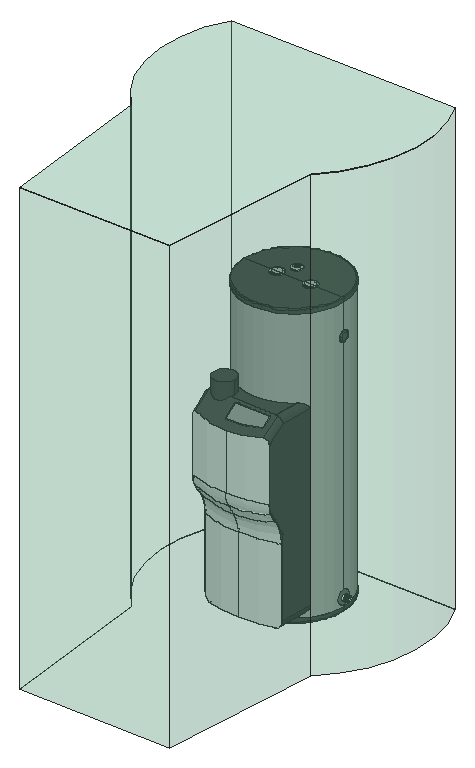
Revit family "Innovo  BENL_IR 24 285 BENL NAT", category Mechanical Equipment, Revit 2015
Parameters (values of type "IR-24-285 BENL NAT")
  Werkruimte Radius = Diameter + 170 mm  # 780 mm
  Werkruimte Hoogte = Hoogte + 1000 mm  # 2745 mm
  Werkruimte Afstand Voor = 1000 mm
  Werkruimte [instance] = yes
  Voorzorgsmaatregelen tijdens montage, installatie of onderhoud = "zie Gebruikers, Installatie, Service en Onderhouds handleiding"  # constant formula
  Voltage = 230 V  # constant formula
  Verpakkingslengte = 946 mm  # constant formula
  Verpakkingshoogte = 1895 mm
  Verpakkingsbreedte = 786 mm  # constant formula
  Uitsluitend werkend in daluren = no
  Uitschakeldruk LDS < = "210"
  Type aanduiding = "IR-24-285"
  Transportgewicht = 153 kg
  Totaal Gewicht = 438 kg
  Stilstandsverlies - dagelijks (24u) = 0 W
  Stilstandsverlies = 0 W
  Standaard Afgesteld op = "G31"
  Stand Regelthermostaat = 65 °C  # constant formula
  Soort Verpakking = "Karton en Hout"  # constant formula
  Slimme controlefunctie = no
  Setpoint thermostaat = 65 °C  # constant formula
  Seizoens Rendement (Hs) = [Rendement (Hs, vlgs. NEN-EN 89 - 1999)]  # 97
  Rendement (Hs, vlgs. NEN-EN 89 - 1999) = 97
  Rendement (Hi, vlgs. NEN-EN 89 - 1999) = 108
  Produktspecificaties Link = ""
  Produkthandleiding Link = ""
  Produkt Model Nummer (EAN-nummer) = "8717449286200"
  Onderhoudsinterval = "12 maanden"  # constant formula
  Nominale Belasting (Onderwaarde) = "22000.0"
  Nominale Belasting (Bovenwaarde) = "23900.0"
  Nominaal Vermogen = "23300.0"
  NOx-uitstoot mg/kWh = "33"
  NOx-uitstoot (lucht vrij, 0% O2) ppm = "20.0"
  Min. Stand Regelthermostaat = 40 °C  # constant formula
  Max. Werkdruk = 800000.0 Pa
  Max. Stand Regelthermostaat = 85 °C  # constant formula
  Max. Rookgastemperatuur = 57 °C
  Ledig Gewicht = 136 kg
  Kraan Hoogte 02 = if(and(Hoogte = 1745 mm, Diameter = 675 mm), 1518 mm, if(and(Hoogte = 1745 mm, Diameter = 610 mm), 1534 mm, if(Hoogte = 1545 mm, 1328 mm, 1070 mm)))  # 1534 mm
  Kraan Hoogte 01 = if(and(Diameter > 560 mm), 693 mm, 604 mm)  # 693 mm
  URL = "www.aosmith.be"
  Tapcapaciteit bij ΔT = 70°C  na 90 min. = 630.0 L
  Tapcapaciteit bij ΔT = 70°C  na 60 min. = 490.0 L
  Tapcapaciteit bij ΔT = 70°C  na 30 min. = 340.0 L
  Tapcapaciteit bij ΔT = 70°C  na 120 min. = 780.0 L
  Tapcapaciteit bij ΔT = 55°C  na 90 min. = 830.0 L
  Tapcapaciteit bij ΔT = 55°C  na 60 min. = 650.0 L
  Tapcapaciteit bij ΔT = 55°C  na 30 min. = 460.0 L
  Tapcapaciteit bij ΔT = 55°C  na 120 min. = 1100.0 L
  Tapcapaciteit bij ΔT = 50°C  na 90 min. = 920.0 L
  Tapcapaciteit bij ΔT = 50°C  na 60 min. = 720.0 L
  Tapcapaciteit bij ΔT = 50°C  na 30 min. = 510.0 L
  Tapcapaciteit bij ΔT = 50°C na 120 min. = 1200.0 L
  Tapcapaciteit bij ΔT = 44°C na 120 min. = 1100.0 L
  Tapcapaciteit bij ΔT = 44°C  na 90 min. = 820.0 L
  Tapcapaciteit bij ΔT = 44°C  na 60 min. = 590.0 L
  Tapcapaciteit bij ΔT = 44°C  na 30 min. = 1300.0 L
  Tapcapaciteit bij ΔT = 28°C na 90 min. = 1700.0 L
  Tapcapaciteit bij ΔT = 28°C na 60 min. = 1400.0 L
  Tapcapaciteit bij ΔT = 28°C na 30 min. = 960.0 L
  Tapcapaciteit bij ΔT = 28°C na 120 min. = 2100.0 L
  Tapcapaciteit Continu bij ΔT = 70°C = 290.0 L/s
  Tapcapaciteit Continu bij ΔT = 55°C = 370.0 L/s
  Tapcapaciteit Continu bij ΔT = 50°C = 410.0 L/s
  Tapcapaciteit Continu bij ΔT = 44°C = 460.0 L/s
  Tapcapaciteit Continu bij ΔT = 28°C = 740.0 L/s
  Opwarmtijd bij ΔT = 70°C = "49"
  Opwarmtijd bij ΔT = 55°C = "39"
  Opwarmtijd bij ΔT = 50°C = "35"
  Opwarmtijd bij ΔT = 44°C = "31"
  Opwarmtijd bij ΔT = 28°C = "20"
  Model = "IR-24-285 BENL LP"
  Manufacturer = "A.O. Smith Water Products Company b.v."  # constant formula
  Length = 780 mm  # constant formula
  Jaarlijks elektriciteitsverbruik (2) = "-"
  Jaarlijks elektriciteitsverbruik (1) = "45 kWh"
  Jaarlijks brandstofverbruik (2) = "-"
  Jaarlijks brandstofverbruik (1) = "21 GJ GCV"
  Isolatiedikte = 44 mm
  Installatie Typen = "B23/C13/C33/C43/C53/C63"  # constant formula
  Inhoud = 285.0 L
  Hoogte Warm Water Uitlaat = 1745 mm
  Hoogte Rookgasafvoer = 1350 mm
  Hoogte Lucht Inlaat = 1350 mm
  Hoogte Koud Water Inlaat = 170 mm
  Hoogte Gas Aansluiting = 920 mm
  Hoogte = 1745 mm
  Handelsmerk = "A.O. Smith"  # constant formula
  Geluidsniveau dB (A) = "<45"  # constant formula
  Geluidsniveau binnen = "53 dB"
  Gasverbruik - Volume ltr/hr = "n.v.t."
  Gasverbruik - Massa kg/h = "1.7"
  Gascategorie = "I2E(S)B"  # constant formula
  Gas Voordruk = "3700 Pa"
  Gas Aansluiting = 15"  # constant formula
  Garrantie op Tank = "36 maanden"  # constant formula
  Garrantie op Onderdelen = "12 maanden"  # constant formula
  Frequentie = 50 Hz  # constant formula
  Fase = 1
  Fabrikantnummer = "E 7110"  # constant formula
  Energie-efficiëntieklasse voor waterverwarming (2) = "-"
  Energie-efficiëntieklasse voor waterverwarming (1) = "A"  # constant formula
  Energie-efficiëntie voor waterverwarming (2) = "-"
  Energie-efficiëntie voor waterverwarming (1) = "91%"
  Elektrisch Vermogen (piek) = 105 W
  Elektrisch Vermogen (nominaal) = 51 W
  Diameter Schoorsteen - parallel systeem = "2x80"  # constant formula
  Diameter Schoorsteen - concentrisch systeem = "80/125 mm/mm"  # constant formula
  Diameter Schoorsteen - boiler = "80/125 mm/mm"  # constant formula
  Diameter = 610 mm
  Description = "Condenserende Hoog Rendementsboiler"  # constant formula
  Created By = "http://www.cadcompany.nl/"
  Capaciteitsprofiel = "XXL"
  CO2-uitstoot (tol. +/- 1.0) vol% = "10.0"
  CE-PIN = "0063CQ3037"  # constant formula
  Breedte = Diameter  # 610 mm
  Bestemming / Land = "BelgIë"  # constant formula
  BIM Content Developer = "CAD & Company"  # constant formula
  Assembly Code = "D3010"
  Ander capaciteitsprofiel = "-"
  Aansluiting Warm Water = 1"
  Aansluiting T&P = 1"
  Aansluiting Koud Water = 3/4"  # constant formula
  Aansluiting Condensafvoer = 40 mm  # constant formula
  Aansluiting Aftapkraan = 3/4"  # constant formula
  2e Onderhoud (algeheel onderhoud) = "12 maanden na installatie"  # constant formula
  1e Onderhoud (check-up) = "3 maanden na installatie"  # constant formula
Reference planes
  plane 1 "Center (Front/Back)": y = 0
  plane 2: z = 0
  plane 3 "Center (Left/Right)": x = 0
  plane 4 "Pipe": through (-383.901, 912.349, 194.799) normal (-0.0879, -0.0879, 0.9923)
  plane 5 "footing": y = 118.925
  plane 6 "footing front": y = -237.85
  plane 7: x = -305
  plane 8: x = 305
  plane 9: z = 1745
Forms (mm)
  Revolve 1, solid, material "RAL 9005", detail levels medium+fine
    sketch origin (0, -237.85, 0) x (-1, 0, 0) y (0, 0, 1)
      loop
        line (0, 28.9) -> (-15, 28.9) -> (-15, 26.4) -> (-8.671, 26.4) -> (-8.671, 18) -> (-5.686, 18) -> (-6.626, 17.06) -> (-6.626, 12.06) -> (-8.671, 12.06) -> (-8.671, 10) -> (-10.031, 10) -> (-23.271, 5.181)
        arc (-23.271, 5.181) -> (-23.763, 4.836) -> (-24.017, 4.293) r 1.159
        line (-24.017, 4.293) -> (-24.017, 1.03)
        arc (-24.017, 1.03) -> (-23.715, 0.302) -> (-22.986, 0) r 1.03
        line (-22.986, 0) -> (0, 0) -> (0, 28.9)
      axis (0, 28.9) -> (0, 0)
    angle from 0 to 360
  Revolve 2, solid, material "RAL 9005", detail levels medium+fine
    sketch origin (0, 118.925, 0) x (-1, 0, 0) y (0, 0, 1)
      loop
        line (-205.984, 28.9) -> (-220.984, 28.9) -> (-220.984, 26.4) -> (-214.655, 26.4) -> (-214.655, 18) -> (-211.67, 18) -> (-212.61, 17.06) -> (-212.61, 12.06) -> (-214.655, 12.06) -> (-214.655, 10) -> (-216.015, 10) -> (-229.256, 5.181)
        arc (-229.256, 5.181) -> (-229.747, 4.836) -> (-230.001, 4.293) r 1.159
        line (-230.001, 4.293) -> (-230.001, 1.03)
        arc (-230.001, 1.03) -> (-229.699, 0.302) -> (-228.971, 0) r 1.03
        line (-228.971, 0) -> (-205.984, 0) -> (-205.984, 28.9)
      axis (-205.984, 28.9) -> (-205.984, 0)
    angle from 0 to 360
  Revolve 3, solid, material "RAL 9005", detail levels medium+fine
    sketch origin (0, 118.925, 0) x (-1, 0, 0) y (0, 0, 1)
      loop
        line (204.016, 28.9) -> (189.016, 28.9) -> (189.016, 26.4) -> (195.345, 26.4) -> (195.345, 18) -> (198.33, 18) -> (197.39, 17.06) -> (197.39, 12.06) -> (195.345, 12.06) -> (195.345, 10) -> (193.985, 10) -> (180.744, 5.181)
        arc (180.744, 5.181) -> (180.253, 4.836) -> (179.999, 4.293) r 1.159
        line (179.999, 4.293) -> (179.999, 1.03)
        arc (179.999, 1.03) -> (180.301, 0.302) -> (181.029, 0) r 1.03
        line (181.029, 0) -> (204.016, 0) -> (204.016, 28.9)
      axis (204.016, 28.9) -> (204.016, 0)
    angle from 0 to 360
Lines and regions (mm)
  symbolic lines
    curve 1: line (0, 280.06, 0) -> (0, -280.06, 0)
    curve 2: line (-280.06, 0, 0) -> (280.06, 0, 0)
  symbolic lines, style "Workspace"
    curve 3: line (681.142, 380.06, 0) -> (-681.142, 380.06, 0)
    curve 4: arc (-681.142, 380.06, 0) -> (-777.325, -64.546, 0) -> (-609.127, -487.2, 0) r 780
    curve 5: line (-609.127, -487.2, 0) -> (-421.783, -1517.825, 0)
    curve 6: line (-421.783, -1517.825, 0) -> (424.03, -1517.825, 0)
    curve 7: line (424.03, -1517.825, 0) -> (611.027, -484.816, 0)
    curve 8: arc (611.027, -484.816, 0) -> (777.449, -63.027, 0) -> (681.142, 380.06, 0) r 780
Dimensions and locks
  plane 5 "footing" to plane 1 "Center (Front/Back)" = 118.925 mm
  plane 1 "Center (Front/Back)" to plane 6 "footing front" = 237.85 mm
  "Diameter": plane 7 to plane 8
  equal spacing: plane 7, plane 3 "Center (Left/Right)", plane 8
  "Hoogte": plane 9 to plane 2
  "Werkruimte Afstand Voor": curve 6 to nested 3
  "Werkruimte Radius": radius of curve 4
  "Werkruimte Radius": radius of curve 8
  aligned and locked: level to plane 2
  aligned and locked: nested 3 to Revolve 1 sketch curve
  aligned and locked: plane 3 "Center (Left/Right)" to Revolve 1 sketch curve
  aligned and locked: nested 3 to plane 1 "Center (Front/Back)"
  aligned and locked: plane 3 "Center (Left/Right)" to nested 3
  aligned and locked: nested 1 to plane 8
  aligned and locked: nested 5 to plane 8
  aligned and locked: nested 2 to plane 7
  aligned and locked: nested 4 to plane 7
  aligned and locked: nested 7 to plane 7
  aligned and locked: nested 8 to plane 3 "Center (Left/Right)"
  aligned and locked: nested 8 to nested 3
  aligned and locked: curve 3 to nested 8
Automatic sketch dimensions
  Revolve 1 sketch curve to level = 0 mm
  plane 3 "Center (Left/Right)" to Revolve 1 sketch curve = 5.686 mm
  Revolve 1 sketch curve to Revolve 1 sketch curve = 0.94 mm  (x2)
  Revolve 1 sketch curve to Revolve 1 sketch curve = 2.046 mm  (x2)
  Revolve 1 sketch curve to Revolve 1 sketch curve = 1.359 mm
  Revolve 1 sketch curve to Revolve 1 sketch curve = 6.329 mm
  level to Revolve 1 sketch curve = 4.091 mm
  Revolve 1 sketch curve to Revolve 1 sketch curve = 12.844 mm
  level to Revolve 1 sketch curve = 1.03 mm
  Revolve 1 sketch curve to Revolve 1 sketch curve = 0.111 mm
  level to Revolve 1 sketch curve = 5.181 mm
  Revolve 1 sketch curve to Revolve 1 sketch curve = 0.745 mm
  level to Revolve 1 sketch curve = 10 mm
  Revolve 1 sketch curve to Revolve 1 sketch curve = 2.06 mm
  Revolve 1 sketch curve to Revolve 1 sketch curve = 5 mm
  Revolve 1 sketch curve to Revolve 1 sketch curve = 8.4 mm
  Revolve 1 sketch curve to Revolve 1 sketch curve = 2.5 mm
  Revolve 1 sketch curve to level = 19.635 mm
  Revolve 1 sketch curve to Revolve 1 sketch curve = 46.465 mm
  Revolve 2 sketch curve to level = 0 mm
  level to Revolve 2 sketch curve = 1.03 mm
  Revolve 2 sketch curve to plane 8 = 74.999 mm
  level to Revolve 2 sketch curve = 5.181 mm
  Revolve 2 sketch curve to Revolve 2 sketch curve = 0.745 mm
  Revolve 2 sketch curve to Revolve 2 sketch curve = 0.397 mm
  Revolve 2 sketch curve to Revolve 2 sketch curve = 8.271 mm
  Revolve 2 sketch curve to Revolve 2 sketch curve = 13.241 mm
  Revolve 2 sketch curve to Revolve 2 sketch curve = 1.359 mm
  Revolve 2 sketch curve to Revolve 2 sketch curve = 6.329 mm
  Revolve 2 sketch curve to Revolve 2 sketch curve = 2.046 mm
  level to Revolve 2 sketch curve = 18 mm
  Revolve 2 sketch curve to Revolve 2 sketch curve = 0.94 mm  (x2)
  Revolve 2 sketch curve to Revolve 2 sketch curve = 8.671 mm
  Revolve 2 sketch curve to Revolve 2 sketch curve = 1.089 mm
  Revolve 2 sketch curve to Revolve 2 sketch curve = 8 mm
  Revolve 2 sketch curve to Revolve 2 sketch curve = 2.06 mm
  Revolve 2 sketch curve to Revolve 2 sketch curve = 8.4 mm
  Revolve 2 sketch curve to Revolve 2 sketch curve = 2.5 mm
  Revolve 2 sketch curve to Revolve 2 sketch curve = 0 mm
  Revolve 2 sketch curve to level = 19.635 mm
  Revolve 2 sketch curve to Revolve 2 sketch curve = 46.465 mm
  Revolve 3 sketch curve to level = 0 mm
  level to Revolve 3 sketch curve = 1.03 mm
  Revolve 3 sketch curve to plane 7 = 125.001 mm
  level to Revolve 3 sketch curve = 5.181 mm
  Revolve 3 sketch curve to Revolve 3 sketch curve = 0.745 mm
  Revolve 3 sketch curve to Revolve 3 sketch curve = 0.397 mm
  Revolve 3 sketch curve to Revolve 3 sketch curve = 8.271 mm
  Revolve 3 sketch curve to Revolve 3 sketch curve = 13.241 mm
  Revolve 3 sketch curve to Revolve 3 sketch curve = 1.359 mm
  Revolve 3 sketch curve to Revolve 3 sketch curve = 6.329 mm
  Revolve 3 sketch curve to Revolve 3 sketch curve = 2.046 mm
  level to Revolve 3 sketch curve = 18 mm
  Revolve 3 sketch curve to Revolve 3 sketch curve = 0.94 mm  (x2)
  Revolve 3 sketch curve to Revolve 3 sketch curve = 8.671 mm
  Revolve 3 sketch curve to Revolve 3 sketch curve = 1.089 mm
  Revolve 3 sketch curve to Revolve 3 sketch curve = 8 mm
  Revolve 3 sketch curve to Revolve 3 sketch curve = 2.06 mm
  Revolve 3 sketch curve to Revolve 3 sketch curve = 8.4 mm
  Revolve 3 sketch curve to Revolve 3 sketch curve = 2.5 mm
  Revolve 3 sketch curve to Revolve 3 sketch curve = 0 mm
  Revolve 3 sketch curve to level = 19.635 mm
  Revolve 3 sketch curve to Revolve 3 sketch curve = 46.465 mm
  curve 4 to curve 8 = 0 mm  (x2)
  plane 1 "Center (Front/Back)" to curve 2 = 0 mm
  curve 1 to plane 3 "Center (Left/Right)" = 0 mm
  plane 1 "Center (Front/Back)" to curve 4 = 0 mm
  curve 4 to plane 3 "Center (Left/Right)" = 0 mm
  curve 5 to plane 6 "footing front" = 249.35 mm
  plane 7 to curve 5 = 116.783 mm
  plane 8 to curve 7 = 119.03 mm
  curve 7 to plane 6 "footing front" = 246.966 mm
  curve 2 to plane 7 = 24.94 mm
  curve 2 to plane 8 = 24.94 mm
  curve 1 to plane 6 "footing front" = 42.21 mm
  plane 5 "footing" to curve 1 = 161.135 mm
Nested families
  nested 1: "Valve" at (305, -0.38, 1534) x (0, 1, 0) z (0, 0, 1), built-in parameter 1001364 <- "Kraan Hoogte 02", type "Valve"
  nested 2: "Drain Valve" at (-305, 0, 1534), built-in parameter 1001364 <- "Kraan Hoogte 02", type "Drain Valve"
  nested 3: "Housing Mother Housing S 57 (external)" at (0, -299.886, 0), type "Housing Mother_Housing S_57"
    with radius 305 mm, distance to boiler center 154 mm, diameter 610 mm
  nested 4: "Drain Valve" at (-305, 0, 177), type "Drain Valve"
  nested 5: "Drain Valve" at (305, 0, 107) x (-1, 0, 0) z (0, 0, 1), type "Drain Valve"
  nested 6: "Boiler" at (0, 0, 0), height <- "Hoogte", type "Boiler"
    with height 1745 mm, radius 305 mm, Diameter 610 mm
  nested 7: "Drain Valve" at (-305, 0, 693), built-in parameter 1001364 <- "Kraan Hoogte 01", type "Drain Valve"
  nested 8: "Innovo_workspace" at (0, 0, 0), Workspace <- "Werkruimte", Workspace Distance Front <- "Werkruimte Afstand Voor", Workspace Height <- "Werkruimte Hoogte", Workspace Radius <- "Werkruimte Radius", type "Workspace"
    with Workspace Radius 780 mm, Workspace Height 2745 mm, Workspace Distance Front 1000 mm, Workspace yes, Center to Front 517.825 mm
Connectors
  piping at (339.826, 0, 107), diameter 19.05, driven by "Aansluiting Aftapkraan"
    settings: on nested 5, index 1, connector inside diameter 24", connector length 0 mm, flow factor 0, pipe flow 0.0 L/s, pressure drop 0.0 Pa, fitting loss kfactor 0, connector angle 0.00°, fixture units 0, engagement length 0 mm, angle of deflection 0.00°, flow configuration 0, flow direction 0, fitting loss method 0, system type 19, joint type 0, gender type 0, connector reference index -1, connector utility 0, adjustable connector no, is connector primary yes, connector description ""
  hvac at (-147.013, -346.326, 1310.674)
    settings: on nested 3, index 2, duct flow 0.0 L/s, flow factor 0, pres drop 0.0 Pa, loss coef 0, conn angle 0.00°, conn width 304.8 mm, conn height 304.8 mm, conn diameter 125 mm, duct sys type 4, conn prof type 0, flow config 0, flow direction 0, loss method 0, conn ref index -1, conn util no, is conn primary yes, conn desc ""
Definition of nested family "Valve"
  Parameters (values of type "Valve")
    Type Comments = "T&P valve (internal)"
    Manufacturer = "A.O. Smith"
  Reference planes
    plane 1 "Center (Front/Back)": y = 0
    plane 2: z = 0
    plane 3 "Center (Left/Right)": x = 0
  Forms (mm)
    Extrusion 1, solid, detail levels fine
      sketch origin (0, 0, 0) x (1, 0, 0) y (0, 0, 1)
        loop
          circle (0, 0) r 31.5
      from -2.271 to 1.4
    Sweep 2, solid, detail levels fine
      path origin (0, -1.4, 0) x (1, 0, 0) y (0, 0, 1)
        loop
          circle (0, 0) r 31.5
      profile origin (0, -1.4, 31.5) x (0, 0, -1) y (0, -1, 0)
        loop
          line (7.3, 0) -> (7.3, 3) -> (0, 0) -> (7.3, 0)
  Dimensions and locks
    aligned and locked: level to plane 2
Definition of nested family "Drain Valve"
  Reference planes
    plane 1 "Center (Front/Back)": y = 0
    plane 2: z = 0
    plane 3 "Center (Left/Right)": x = 0
  Forms (mm)
    Revolve 1, solid, detail levels medium+fine
      sketch origin (0, 0, 0) x (1, 0, 0) y (0, 0, 1)
        loop
          line (-33.442, 15.696) -> (-34.826, 14.329) -> (-34.93, 12.731) -> (-16.555, 12.731) -> (-16.555, 0) -> (15.787, 0) -> (15.787, 18.3) -> (-14.4, 18.3) -> (-17.148, 15.533) -> (-18.729, 16.697) -> (-20.091, 15.333) -> (-21.672, 16.496) -> (-23.034, 15.133) -> (-24.614, 16.296) -> (-25.976, 14.932) -> (-27.557, 16.096) -> (-28.919, 14.732) -> (-30.5, 15.896) -> (-31.862, 14.532) -> (-33.442, 15.696)
        axis (-34.93, 0) -> (15.787, 0)
      angle from 0 to 360
  Dimensions and locks
    aligned and locked: level to plane 2
  Nested families
    nested 1: "Rubber sealing" at (2.592, -0.155, 0) x (0.0023, -1, 0) z (0, 0, 1), type "Rubber sealing", detail levels fine
  Definition of nested family "Rubber sealing"
    Reference planes
      plane 1 "Center (Front/Back)": y = 0
      plane 2: z = 0
      plane 3 "Center (Left/Right)": x = 0
    Forms (mm)
      Extrusion 1, solid, detail levels fine
        sketch origin (141.861, 319.581, 0) x (1, 0, 0) y (0, 1, 0)
          loop
            line (-216.354, -311.898) -> (-216.354, -313.94)
            arc (-216.354, -313.94) -> (-141.602, -321.581) -> (-66.861, -313.835) r 366.966
            line (-66.861, -313.835) -> (-66.861, -311.791)
            arc (-66.861, -311.791) -> (-141.602, -319.581) -> (-216.354, -311.898) r 364.966
        from -80 to 80
      Extrusion 2, void
        sketch origin (141.861, 319.581, 0) x (1, 0, 0) y (0, 0, 1)
          loop
            circle (-141.861, 0) r 13
          loop
            circle (-141.861, 0) r 110
          loop
            circle (-141.861, 0) r 40
        from 311.563 to 332.684
      Extrusion 3, void
        sketch origin (141.861, 319.581, 0) x (1, 0, 0) y (0, 0, 1)
          loop
            circle (-141.861, 0) r 18.25
        from 315.524 to 326.084
    Cuts and joins
      Extrusion 2, Extrusion 3 cuts Extrusion 1
    Dimensions and locks
      aligned and locked: level to plane 2
Definition of nested family "Housing Mother Housing S 57 (external)"
  Parameters (values of type "Housing Mother_Housing S_57")
    radius [instance] = 280 mm
    distance to boiler center = if(diameter = 675 mm, 189 mm, if(diameter = 610 mm, 154 mm, 129 mm))  # 129 mm
    diameter = 560 mm
  Reference planes
    plane 1 "Center (Front/Back)": y = 0
    plane 2: z = 0
    plane 3 "Center (Left/Right)": x = 0
    plane 4 "left": through (-245.286, 145.886, 1200) normal (0.9994, 0.0349, 0)
    plane 5: y = -217.939
    plane 6: y = 145.886
    plane 7: z = 1232.6
    plane 8: z = 65.89
    plane 9 "right": through (245.286, 145.886, 1200) normal (0.9994, -0.0349, 0)
    plane 10 "display": through (0, -90.37, 1221.196) normal (0, -0.5736, 0.8192)
    plane 11 "Potentiostat": z = 867.899
    plane 12 "boiler center": y = 274.886
    plane 13: x = -280
    plane 14: x = 280
  Forms (mm)
    Extrusion 1, solid
      sketch origin (0, 0, 0) x (1, 0, 0) y (0, 1, 0)
        loop
          line (-245.286, 145.886) -> (-232.581, -217.939) -> (232.581, -217.939) -> (245.286, 145.886)
          arc (245.286, 145.886) -> (0, 0.923) -> (-245.286, 145.886) r 280
      from 0 to 1232.6
    Sweep 2, void
      path origin (0, 0, 0) x (0, 1, 0) y (0, 0, 1)
        loop
          line (-217.939, 1232.6) -> (-217.939, 795.555)
          arc (-217.939, 795.555) -> (-212.387, 754.285) -> (-197.694, 715.322) r 183.924
          arc (-197.694, 715.322) -> (-179.915, 684.628) -> (-159.106, 655.901) r 348.284
          arc (-159.106, 655.901) -> (-131.411, 600.328) -> (-121.88, 538.973) r 202.254
          line (-121.88, 538.973) -> (-121.88, 61.106)
      profile origin (0, -217.939, 1014.077) x (1, 0, 0) y (0, 1, 0)
        loop
          arc (0, 0) -> (-117.533, 9.941) -> (-231.728, 39.475) r 699.984
          arc (-231.728, 39.475) -> (-233.391, 40.705) -> (-234.07, 42.659) r 3.505
          line (-234.07, 42.659) -> (-254.062, 42.659) -> (-254.062, -142.593) -> (254.07, -142.593) -> (254.07, 42.659) -> (234.07, 42.659)
          arc (234.07, 42.659) -> (233.391, 40.705) -> (231.728, 39.475) r 3.505
          arc (231.728, 39.475) -> (117.533, 9.941) -> (0, 0) r 699.984
    Extrusion 3, void
      sketch origin (0, 0, 0) x (0, 1, 0) y (0, 0, 1)
        loop
          arc (102.864, 70.869) -> (99.804, 70.709) -> (96.874, 69.813) r 12.57
          arc (96.874, 69.813) -> (87.878, 66.533) -> (78.516, 64.529) r 69.114
          arc (78.516, 64.529) -> (76.41, 64.284) -> (74.294, 64.148) r 41.206
          arc (74.294, 64.148) -> (65.203, 64.335) -> (56.122, 64.782) r 318.661
          arc (56.122, 64.782) -> (30.585, 66.179) -> (5.028, 67.128) r 1456.581
          line (5.028, 67.128) -> (-84.534, 73.135)
          arc (-84.534, 73.135) -> (-86.363, 73.808) -> (-87.536, 75.365) r 3.455
          line (-87.536, 75.365) -> (-264.473, 75.365) -> (-264.473, 0) -> (160.886, 0) -> (160.886, 103.945) -> (145.886, 103.945)
          arc (145.886, 103.945) -> (145.104, 97.827) -> (142.923, 92.059) r 26.364
          arc (142.923, 92.059) -> (141.067, 88.936) -> (138.867, 86.045) r 31.715
          arc (138.867, 86.045) -> (135.576, 82.49) -> (132.021, 79.2) r 62.615
          arc (132.021, 79.2) -> (125.841, 74.697) -> (119.091, 71.103) r 54.444
          arc (119.091, 71.103) -> (116.371, 70.272) -> (113.531, 70.123) r 11.669
          line (113.531, 70.123) -> (102.864, 70.869)
      from -254.062 to 254.07
    Sweep 4, void
      path origin (0, 0, 0) x (1, 0, 0) y (0, 1, 0)
        loop
          line (-245.286, 145.886) -> (-232.581, -217.939)
      profile origin (-238.933, -36.027, 0) x (0.999391, 0.034899, 0) y (0, 0, 1)
        loop
          line (-4.454, 0) -> (47.084, 0) -> (47.084, 73.431)
          arc (47.084, 73.431) -> (14.222, 85.134) -> (0.255, 117.1) r 43.922
          line (0.255, 117.1) -> (-4.454, 117.1) -> (-4.454, 0)
    Sweep 5, void
      path origin (0, 0, 0) x (-1, 0, 0) y (0, 1, 0)
        loop
          line (-245.286, 145.886) -> (-232.581, -217.939)
      profile origin (238.933, -36.027, 0) x (0.999391, -0.034899, 0) y (0, 0, 1)
        loop
          line (4.454, 0) -> (4.454, 117.1) -> (-0.255, 117.1)
          arc (-0.255, 117.1) -> (-14.222, 85.134) -> (-47.084, 73.431) r 43.922
          line (-47.084, 73.431) -> (-47.084, 0) -> (4.454, 0)
    Sweep 6, void
      path origin (-239.899, -8.377, 0) x (-0.034899, 0.999391, 0) y (0, 0, 1)
        loop
          line (-209.69, 1141.272) -> (-79.18, 1232.6) -> (154.358, 1232.6)
      profile origin (-241.211, 29.188, 1232.6) x (0, 0, 1) y (0.999391, 0.034899, 0)
        loop
          line (-45, -30) -> (75, -30) -> (75, 0) -> (75, 55) -> (2.799, 55) -> (-1.253, 35.128)
          arc (-1.253, 35.128) -> (-16.771, 9.564) -> (-45, -0.308) r 44.287
          line (-45, -0.308) -> (-45, -30)
    Sweep 7, void
      path origin (239.899, -8.377, 0) x (0.034899, 0.999391, 0) y (0, 0, 1)
        loop
          line (-209.69, 1141.272) -> (-79.18, 1232.6) -> (154.358, 1232.6)
      profile origin (241.211, 29.188, 1232.6) x (0, 0, -1) y (-0.999391, 0.034899, 0)
        loop
          line (-75, -25) -> (45, -25) -> (45, -0.308)
          arc (45, -0.308) -> (16.771, 9.564) -> (1.253, 35.128) r 44.287
          line (1.253, 35.128) -> (-2.799, 55) -> (-75, 55) -> (-75, -25)
    Extrusion 8, void
      sketch origin (0, 0, 0) x (0, 1, 0) y (0, 0, 1)
        loop
          line (-270, 1336.099) -> (-270, 1099.081) -> (68.497, 1336.099) -> (-270, 1336.099)
      from -425.038 to 444.42
    Extrusion 9, solid, detail levels medium+fine
      sketch origin (0, 0, 0) x (1, 0, 0) y (0, 1, 0)
        loop
          circle (-147.013, -46.44) r 65
      from 1163.174 to 1310.674
    Extrusion 10, void
      sketch origin (0, -603.506, 861.895) x (0, 0.819152, 0.573576) y (-1, 0, 0)
        loop
          arc (618.322, -173) -> (623.272, -170.95) -> (625.322, -166) r 7
          line (625.322, -166) -> (625.322, 35)
          arc (625.322, 35) -> (623.272, 39.95) -> (618.322, 42) r 7
          line (618.322, 42) -> (535.473, 42)
          arc (535.473, 42) -> (530.688, 40.11) -> (528.488, 35.46) r 7
          arc (528.488, 35.46) -> (531.569, -67.592) -> (554.18, -168.18) r 540
          arc (554.18, -168.18) -> (556.724, -171.668) -> (560.831, -173) r 7
          line (560.831, -173) -> (618.322, -173)
      from 0 to 137.286
    Sweep 11, solid, detail levels fine
      path origin (0, 0, 867.899) x (-1, 0, 0) y (0, -1, 0)
        loop
          line (309.749, -35.617) -> (204.371, -35.617)
          arc (204.371, -35.617) -> (196.509, -34.687) -> (189.082, -31.947) r 33.677
          line (189.082, -31.947) -> (-9.574, 69.274)
      profile origin (-257.06, 35.617, 867.899) x (0, 1, 0) y (0, 0, 1)
        loop
          circle (0, 0) r 7.316
        loop
          circle (0, 0) r 6.465
    Revolve 12, void
      sketch origin (0, 274.886, 0) x (-1, 0, 0) y (0, 0, 1)
        loop
          line (280, 1243.838) -> (0, 1243.838) -> (0, 54.9) -> (280, 54.9) -> (280, 1243.838)
        axis (0, 1243.838) -> (0, 54.9)
      angle from 0 to 360
  Cuts and joins
    Sweep 2, Extrusion 3, Sweep 4, Sweep 5, Sweep 6, Sweep 7, Extrusion 8, Extrusion 10, Revolve 12 cuts Extrusion 1
  Dimensions and locks
    plane 8 to plane 2 = 65.89 mm
    plane 7 to plane 8 = 1166.71 mm
    "distance to boiler center": plane 12 "boiler center" to plane 6
    "diameter": plane 14 to plane 13
    equal spacing: plane 14, plane 3 "Center (Left/Right)", plane 13
    "radius": plane 3 "Center (Left/Right)" to plane 13
    aligned and locked: level to plane 2
    aligned and locked: Extrusion 1 to plane 7
    aligned and locked: Extrusion 1 sketch curve to plane 5
    aligned and locked: Sweep 2 to Extrusion 3
    aligned and locked: Extrusion 3 to Sweep 2  (x2)
    aligned and locked: plane 7 to Sweep 2 sketch curve
    aligned and locked: plane 3 "Center (Left/Right)" to Revolve 12 sketch curve
    aligned and locked: Revolve 12 sketch curve to plane 3 "Center (Left/Right)"
    aligned and locked: plane 13 to Revolve 12 sketch curve
  Automatic sketch dimensions
    Extrusion 1 sketch curve to plane 4 "left" = 0 mm  (x2)
    Extrusion 1 sketch curve to plane 6 = 0 mm  (x2)
    Extrusion 1 sketch curve to plane 3 "Center (Left/Right)" = 0 mm
    Extrusion 1 sketch curve to plane 9 "right" = 0 mm
    plane 6 to Extrusion 1 sketch curve = 135.037 mm
    Sweep 2 sketch curve to plane 5 = 0 mm
    plane 5 to Sweep 2 sketch curve = 106.195 mm
    Sweep 2 sketch curve to plane 5 = 96.059 mm
    plane 1 "Center (Front/Back)" to Sweep 2 sketch curve = 34.053 mm
    plane 11 "Potentiostat" to Sweep 2 sketch curve = 6.417 mm
    Sweep 2 sketch curve to plane 6 = 33.705 mm
    Sweep 2 sketch curve to plane 11 "Potentiostat" = 68.615 mm
    Sweep 2 sketch curve to plane 11 "Potentiostat" = 72.345 mm
    Sweep 2 sketch curve to Sweep 2 sketch curve = 176.349 mm
    Sweep 2 sketch curve to Sweep 2 sketch curve = 0 mm  (x2)
    plane 8 to Sweep 2 sketch curve = 4.784 mm
    Extrusion 3 sketch curve to level = 0 mm
    Extrusion 3 sketch curve to plane 6 = 0 mm
    Extrusion 3 sketch curve to plane 6 = 26.363 mm
    Extrusion 3 sketch curve to Extrusion 3 sketch curve = 4.75 mm
    Extrusion 3 sketch curve to Extrusion 3 sketch curve = 5.179 mm
    Extrusion 3 sketch curve to plane 8 = 4.232 mm
    Extrusion 3 sketch curve to Extrusion 3 sketch curve = 0.814 mm
    Extrusion 3 sketch curve to plane 8 = 4.978 mm
    Extrusion 3 sketch curve to Extrusion 3 sketch curve = 10.667 mm
    Extrusion 3 sketch curve to Extrusion 3 sketch curve = 0.877 mm
    Extrusion 3 sketch curve to Extrusion 3 sketch curve = 17.827 mm
    Extrusion 3 sketch curve to Extrusion 3 sketch curve = 5.646 mm
    Extrusion 3 sketch curve to plane 6 = 69.562 mm
    Extrusion 3 sketch curve to Extrusion 3 sketch curve = 18.6 mm
    Extrusion 3 sketch curve to Extrusion 3 sketch curve = 22.538 mm
    Extrusion 3 sketch curve to plane 8 = 1.238 mm
    Extrusion 3 sketch curve to plane 1 "Center (Front/Back)" = 5.028 mm
    plane 1 "Center (Front/Back)" to Extrusion 3 sketch curve = 36.224 mm
    Extrusion 3 sketch curve to plane 8 = 10.692 mm
    plane 1 "Center (Front/Back)" to Extrusion 3 sketch curve = 84.302 mm
    Extrusion 3 sketch curve to plane 8 = 7.244 mm
    Extrusion 3 sketch curve to Extrusion 3 sketch curve = 0.231 mm
    Extrusion 3 sketch curve to Extrusion 3 sketch curve = 3.234 mm
    plane 5 to Extrusion 3 sketch curve = 46.534 mm
    plane 6 to Extrusion 3 sketch curve = 15 mm
    Extrusion 3 sketch curve to level = 1388.869 mm
    plane 8 to Extrusion 3 sketch curve = 7.561 mm
    Extrusion 3 sketch curve to Extrusion 3 sketch curve = 11.64 mm
    Extrusion 3 sketch curve to plane 8 = 38.054 mm
    Extrusion 3 sketch curve to Extrusion 3 sketch curve = 22.442 mm
    Extrusion 3 sketch curve to plane 8 = 39.432 mm
    Extrusion 3 sketch curve to Extrusion 3 sketch curve = 2.466 mm
    Extrusion 3 sketch curve to Extrusion 3 sketch curve = 14.17 mm
    Extrusion 3 sketch curve to Extrusion 3 sketch curve = 5.925 mm
    Extrusion 3 sketch curve to Extrusion 3 sketch curve = 6.186 mm
    Extrusion 3 sketch curve to Extrusion 3 sketch curve = 249.85 mm
    Extrusion 3 sketch curve to Extrusion 3 sketch curve = 0 mm  (x4)
    Extrusion 3 sketch curve to Extrusion 3 sketch curve = 6.845 mm
    plane 8 to Extrusion 3 sketch curve = 1.743 mm
    Sweep 4 sketch curve to plane 4 "left" = 0 mm  (x2)
    Sweep 4 sketch curve to plane 6 = 0 mm
    plane 5 to Sweep 4 sketch curve = 0 mm
    Sweep 4 sketch curve to level = 0 mm
    profile plane to Sweep 4 sketch curve = 4.454 mm
    Sweep 4 sketch curve to profile plane = 0.255 mm
    Sweep 4 sketch curve to Sweep 4 sketch curve = 43.922 mm
    Sweep 4 sketch curve to profile plane = 47.084 mm
    level to Sweep 4 sketch curve = 73.431 mm
    Sweep 4 sketch curve to Sweep 4 sketch curve = 43.669 mm
    Sweep 5 sketch curve to plane 6 = 0 mm
    Sweep 5 sketch curve to plane 9 "right" = 0 mm  (x2)
    plane 5 to Sweep 5 sketch curve = 0 mm
    Sweep 5 sketch curve to level = 0 mm
    profile plane to Sweep 5 sketch curve = 47.084 mm
    Sweep 5 sketch curve to Sweep 5 sketch curve = 2.907 mm
    profile plane to Sweep 5 sketch curve = 0.255 mm
    Sweep 5 sketch curve to profile plane = 4.454 mm
    level to Sweep 5 sketch curve = 73.431 mm
    Sweep 5 sketch curve to Sweep 5 sketch curve = 43.669 mm
    Sweep 6 sketch curve to plane 7 = 0 mm
    plane 7 to Sweep 6 sketch curve = 91.328 mm
    Sweep 6 sketch curve to Sweep 6 sketch curve = 130.509 mm
    Sweep 6 sketch curve to Sweep 6 sketch curve = 233.538 mm
    Sweep 6 sketch curve to plane 4 "left" = 0 mm
    profile plane to Sweep 6 sketch curve = 45 mm
    Sweep 6 sketch curve to Sweep 6 sketch curve = 0.354 mm
    profile plane to Sweep 6 sketch curve = 1.253 mm
    Sweep 6 sketch curve to profile plane = 2.799 mm
    Sweep 6 sketch curve to Sweep 6 sketch curve = 72.201 mm
    Sweep 6 sketch curve to plane 4 "left" = 0.308 mm
    Sweep 6 sketch curve to Sweep 6 sketch curve = 29.692 mm
    plane 4 "left" to Sweep 6 sketch curve = 35.128 mm
    plane 4 "left" to Sweep 6 sketch curve = 55 mm
    Sweep 7 sketch curve to plane 7 = 0 mm
    Sweep 7 sketch curve to plane 7 = 91.328 mm
    Sweep 7 sketch curve to Sweep 7 sketch curve = 130.509 mm
    Sweep 7 sketch curve to Sweep 7 sketch curve = 233.538 mm
    Sweep 7 sketch curve to plane 9 "right" = 25 mm
    profile plane to Sweep 7 sketch curve = 75 mm
    profile plane to Sweep 7 sketch curve = 2.799 mm
    Sweep 7 sketch curve to profile plane = 1.253 mm
    Sweep 7 sketch curve to Sweep 7 sketch curve = 43.393 mm
    Sweep 7 sketch curve to profile plane = 45 mm
    Sweep 7 sketch curve to plane 9 "right" = 0.308 mm
    plane 9 "right" to Sweep 7 sketch curve = 35.128 mm
    Sweep 7 sketch curve to Sweep 7 sketch curve = 19.872 mm
    plane 5 to Extrusion 8 sketch curve = 52.061 mm
    Extrusion 8 sketch curve to plane 1 "Center (Front/Back)" = 68.497 mm
    plane 7 to Extrusion 8 sketch curve = 133.519 mm
    Extrusion 8 sketch curve to plane 7 = 103.499 mm
    plane 1 "Center (Front/Back)" to Extrusion 9 sketch curve = 46.44 mm
    Extrusion 9 sketch curve to plane 3 "Center (Left/Right)" = 147.013 mm
    Extrusion 10 sketch curve to plane 3 "Center (Left/Right)" = 0 mm
    Extrusion 10 sketch curve to plane 3 "Center (Left/Right)" = 35 mm
    Extrusion 10 sketch curve to Extrusion 10 sketch curve = 25.359 mm
    Extrusion 10 sketch curve to Extrusion 10 sketch curve = 57.491 mm
    Extrusion 10 sketch curve to plane 3 "Center (Left/Right)" = 42 mm
    Extrusion 10 sketch curve to Extrusion 10 sketch curve = 82.85 mm
    Extrusion 10 sketch curve to Extrusion 10 sketch curve = 7 mm
    Extrusion 10 sketch curve to Extrusion 10 sketch curve = 442 mm
    plane 3 "Center (Left/Right)" to Extrusion 10 sketch curve = 166 mm
    Extrusion 10 sketch curve to Extrusion 10 sketch curve = 0 mm  (x2)
    Sweep 11 sketch curve to plane 1 "Center (Front/Back)" = 31.947 mm
    Sweep 11 sketch curve to plane 3 "Center (Left/Right)" = 189.082 mm
    Sweep 11 sketch curve to plane 1 "Center (Front/Back)" = 1.94 mm
    Sweep 11 sketch curve to Sweep 11 sketch curve = 15.289 mm
    plane 3 "Center (Left/Right)" to Sweep 11 sketch curve = 9.574 mm
    Sweep 11 sketch curve to Sweep 11 sketch curve = 105.378 mm
    plane 1 "Center (Front/Back)" to Sweep 11 sketch curve = 69.274 mm
    Sweep 11 sketch curve to Sweep 11 sketch curve = 0 mm  (x2)
    Sweep 11 sketch curve to plane 11 "Potentiostat" = 0 mm
    Sweep 11 sketch curve to profile plane = 0 mm
    plane 8 to Revolve 12 sketch curve = 10.99 mm
    Revolve 12 sketch curve to plane 7 = 11.238 mm
    Revolve 12 sketch curve to level = 366.045 mm
    Revolve 12 sketch curve to Revolve 12 sketch curve = 971.917 mm
    Sweep 2 sketch curve to plane 3 "Center (Left/Right)" = 0 mm
    profile plane to Sweep 2 sketch curve = 0 mm
    Sweep 2 sketch curve to plane 3 "Center (Left/Right)" = 0.016 mm
    Sweep 2 sketch curve to profile plane = 42.782 mm  (x2)
    Sweep 2 sketch curve to plane 3 "Center (Left/Right)" = 230.568 mm
    plane 3 "Center (Left/Right)" to Sweep 2 sketch curve = 0.016 mm
    plane 3 "Center (Left/Right)" to Sweep 2 sketch curve = 230.568 mm
    Sweep 2 sketch curve to Sweep 2 sketch curve = 3.502 mm  (x2)
    Sweep 2 sketch curve to Sweep 2 sketch curve = 20 mm
    profile plane to Sweep 2 sketch curve = 142.593 mm
    Sweep 2 sketch curve to Sweep 2 sketch curve = 0.122 mm  (x2)
    Sweep 2 sketch curve to Sweep 2 sketch curve = 657.203 mm
    Sweep 2 sketch curve to Sweep 2 sketch curve = 19.991 mm
    radius of Extrusion 9 sketch curve = 65 mm
    radius of Sweep 11 sketch curve = 7.316 mm
    radius of Sweep 11 sketch curve = 6.465 mm
  Nested families
    nested 1: "display" at (65.5, -130.939, 1192.79) x (-1, 0, 0) z (0, -0.5736, 0.8192), type "display"
  Definition of nested family "display"
    Parameters (values of type "display")
      Default Elevation = 1219.2 mm
    Reference planes
      plane 1 "Center (Front/Back)": y = 0
      plane 2: z = 0
      plane 3 "Center (Left/Right)": x = 0
    Forms (mm)
      Extrusion 1, solid, detail levels medium+fine
        sketch origin (-16.958, 11.842, -343.878) x (1, 0, 0) y (0, 0, -1)
          loop
            line (-233.523, -343.878) -> (-233.523, -346.592) -> (332.686, -346.592) -> (332.686, -343.878) -> (-233.523, -343.878)
        from -228.7 to 150.822
      Extrusion 2, void
        sketch origin (-16.958, 6.842, -343.878) x (1, 0, 0) y (0, 1, 0)
          loop
            line (-233.523, 155.822) -> (-233.523, -223.7) -> (332.686, -223.7) -> (332.686, 155.822) -> (-233.523, 155.822)
          loop
            arc (-90.542, -48.267) -> (-88.492, -53.216) -> (-83.542, -55.267) r 7
            line (-83.542, -55.267) -> (117.458, -55.267)
            arc (117.458, -55.267) -> (122.408, -53.216) -> (124.458, -48.267) r 7
            line (124.458, -48.267) -> (124.458, 34.583)
            arc (124.458, 34.583) -> (122.568, 39.368) -> (117.918, 41.568) r 7
            arc (117.918, 41.568) -> (14.866, 38.487) -> (-85.722, 15.876) r 540
            arc (-85.722, 15.876) -> (-89.21, 13.332) -> (-90.542, 9.224) r 7
            line (-90.542, 9.224) -> (-90.542, -48.267)
        from 328.878 to 363.083
    Cuts and joins
      Extrusion 2 cuts Extrusion 1
    Dimensions and locks
      aligned and locked: level to plane 2
Definition of nested family "Boiler"
  Parameters (values of type "Boiler")
    radius [instance] = 280 mm
    height [instance] = 1270 mm
    Diameter = 560 mm
  Reference planes
    plane 1 "Center (Front/Back)": y = 0
    plane 2: z = 0
    plane 3 "Center (Left/Right)": x = 0
    plane 4: z = 1243.838
    plane 5: z = 1270
    plane 6 "bottom": z = 28.9
    plane 7: z = 54.9
    plane 8 "top controle": y = 88
    plane 9: x = -280
    plane 10: x = 280
  Forms (mm)
    Revolve 1, solid
      sketch origin (0, 0, 0) x (1, 0, 0) y (0, 0, 1)
        loop
          line (0, 54.9) -> (-280, 54.9) -> (-280, 32.9)
          arc (-280, 32.9) -> (-278.828, 30.072) -> (-276, 28.9) r 4
          line (-276, 28.9) -> (0, 28.9) -> (0, 54.9)
        axis (0, 28.9) -> (0, 54.9)
      angle from 0 to 360
    Revolve 2, solid
      sketch origin (1.311, 0, 0) x (1, 0, 0) y (0, 0, 1)
        loop
          line (-278.86, 1243.838) -> (-278.86, 54.9) -> (-1.311, 54.9) -> (-1.311, 1243.838) -> (-278.86, 1243.838)
        axis (-1.311, 1243.838) -> (-1.311, 54.9)
      angle from 0 to 360
    Revolve 3, solid
      sketch origin (-9.205, 0, 377.212) x (-1, 0, 0) y (0, 0, 1)
        loop
          line (-148.904, 892.788) -> (-110.805, 892.788) -> (-110.805, 895.963) -> (-141.883, 895.963) -> (-148.904, 893.62) -> (-148.904, 892.788)
        axis (-110.805, 892.788) -> (-110.805, 895.963)
      angle from 0 to 360
    Revolve 4, solid
      sketch origin (0, 0, 718.065) x (1, 0, 0) y (0, 0, -1)
        loop
          line (0, -525.773) -> (-280, -525.773) -> (-280, -547.935)
          arc (-280, -547.935) -> (-278.828, -550.763) -> (-276, -551.935) r 4
          line (-276, -551.935) -> (0, -551.935) -> (0, -525.773)
        axis (0, -551.935) -> (0, -525.773)
      angle from 0 to 360
    Revolve 5, solid
      sketch origin (0, 88, 0) x (1, 0, 0) y (0, 0, 1)
        loop
          line (-19.051, 1270) -> (-19.051, 1271.074) -> (-32.63, 1275.604) -> (-32.63, 1271.117) -> (-37.266, 1271.117) -> (-38.383, 1270) -> (-19.051, 1270)
        axis (-50.8, 1270) -> (-50.8, 1275.604)
      angle from 0 to 360
    Revolve 6, solid
      sketch origin (-217.12, 0, 372.245) x (-1, 0, 0) y (0, 0, 1)
        loop
          line (-153.622, 897.755) -> (-115.52, 897.755) -> (-115.52, 900.93) -> (-146.626, 900.93) -> (-153.622, 898.596) -> (-153.622, 897.755)
        axis (-115.52, 897.755) -> (-115.52, 900.93)
      angle from 0 to 360
  Dimensions and locks
    "height": plane 5 to plane 2
    plane 6 "bottom" to plane 2 = 28.9 mm
    locked: plane 5 to plane 4 at 26.162
    locked: plane 1 "Center (Front/Back)" to plane 8 "top controle" at 88
    "Diameter": plane 10 to plane 9
    equal spacing: plane 10, plane 3 "Center (Left/Right)", plane 9
    "radius": plane 3 "Center (Left/Right)" to plane 9
    locked: plane 9 to Revolve 2 sketch curve at 2.452
    aligned and locked: level to plane 2
    aligned and locked: Revolve 2 sketch curve to plane 7
    aligned and locked: Revolve 2 sketch curve to plane 4
    aligned and locked: Revolve 1 sketch curve to plane 7
    aligned and locked: plane 6 "bottom" to Revolve 1 sketch curve
    aligned and locked: Revolve 4 sketch curve to plane 3 "Center (Left/Right)"
    aligned and locked: plane 5 to Revolve 4 sketch curve
    aligned and locked: Revolve 4 sketch curve to plane 4
    aligned and locked: plane 9 to Revolve 4 sketch curve
    aligned and locked: Revolve 1 sketch curve to plane 9
    aligned and locked: Revolve 2 sketch curve to plane 3 "Center (Left/Right)"
    aligned and locked: plane 3 "Center (Left/Right)" to Revolve 2 sketch curve
  Automatic sketch dimensions
    Revolve 1 sketch curve to plane 3 "Center (Left/Right)" = 0 mm  (x2)
    Revolve 1 sketch curve to Revolve 1 sketch curve = 4 mm
    Revolve 1 sketch curve to level = 40 mm
    Revolve 1 sketch curve to Revolve 1 sketch curve = 305.1 mm
    Revolve 2 sketch curve to level = 366.045 mm
    Revolve 2 sketch curve to plane 5 = 945.755 mm
    Revolve 3 sketch curve to plane 5 = 0 mm
    Revolve 3 sketch curve to plane 3 "Center (Left/Right)" = 139.699 mm
    plane 5 to Revolve 3 sketch curve = 3.175 mm
    Revolve 3 sketch curve to Revolve 3 sketch curve = 7.022 mm
    Revolve 3 sketch curve to Revolve 3 sketch curve = 31.078 mm
    Revolve 3 sketch curve to Revolve 3 sketch curve = 0.832 mm
    Revolve 3 sketch curve to Revolve 3 sketch curve = 0 mm
    Revolve 3 sketch curve to Revolve 3 sketch curve = 2.338 mm
    Revolve 3 sketch curve to Revolve 3 sketch curve = 4.487 mm
    Revolve 4 sketch curve to plane 3 "Center (Left/Right)" = 0 mm
    Revolve 4 sketch curve to Revolve 4 sketch curve = 4 mm
    Revolve 4 sketch curve to Revolve 4 sketch curve = 68.738 mm
    Revolve 4 sketch curve to Revolve 4 sketch curve = 305.1 mm
    Revolve 6 sketch curve to plane 5 = 0 mm
    plane 3 "Center (Left/Right)" to Revolve 6 sketch curve = 63.497 mm
    plane 5 to Revolve 6 sketch curve = 3.175 mm
    Revolve 6 sketch curve to Revolve 6 sketch curve = 6.997 mm
    Revolve 6 sketch curve to Revolve 6 sketch curve = 31.106 mm
    Revolve 6 sketch curve to Revolve 6 sketch curve = 0.84 mm
    Revolve 6 sketch curve to Revolve 6 sketch curve = 0 mm
    Revolve 6 sketch curve to Revolve 6 sketch curve = 7.216 mm
    Revolve 6 sketch curve to Revolve 6 sketch curve = 0.391 mm
    Revolve 5 sketch curve to Revolve 5 sketch curve = 13.578 mm
    Revolve 5 sketch curve to Revolve 5 sketch curve = 1.074 mm
    Revolve 5 sketch curve to Revolve 5 sketch curve = 12.417 mm
    Revolve 5 sketch curve to Revolve 5 sketch curve = 5.753 mm
    Revolve 5 sketch curve to plane 5 = 1.117 mm
    Revolve 5 sketch curve to Revolve 5 sketch curve = 1.117 mm
    plane 5 to Revolve 5 sketch curve = 4.396 mm
    Revolve 5 sketch curve to plane 5 = 0 mm
    Revolve 5 sketch curve to Revolve 5 sketch curve = 4.487 mm
    Revolve 5 sketch curve to plane 3 "Center (Left/Right)" = 38.383 mm
    Revolve 5 sketch curve to plane 5 = 5.604 mm
Definition of nested family "Innovo_workspace"
  Parameters (values of type "Workspace")
    Workspace Radius [instance] = 730 mm
    Workspace Height [instance] = 2270 mm
    Workspace Distance Front [instance] = 1000 mm
    Workspace [instance] = yes
    URL = "www.aosmith.nl"
    Model = ""
    Manufacturer = "A.O. Smith Water Products Company b.v."  # constant formula
    Description = ""
    Created By = ""
    Center to Front [instance] = 492.825 mm
    BIM Content Developer = "CAD & Company"  # constant formula
    Assembly Code = ""
  Reference planes
    plane 1 "Center (Front/Back)": y = 0
    plane 2: z = 0
    plane 3 "Center (Left/Right)": x = 0
    plane 4 "Pipe": through (-383.901, 912.349, 194.799) normal (-0.0879, -0.0879, 0.9923)
    plane 5 "front": y = -492.825
  Forms (mm)
    Extrusion 1, solid, visible <- "Workspace"
      sketch origin (0, 0, 0) x (1, 0, 0) y (0, 1, 0)
        loop
          line (456.53, -1492.825) -> (500.201, -531.695)
          arc (500.201, -531.695) -> (723.44, -97.643) -> (623.261, 380.06) r 730
          line (623.261, 380.06) -> (-623.261, 380.06)
          arc (-623.261, 380.06) -> (-723.227, -99.209) -> (-497.893, -533.856) r 730
          line (-497.893, -533.856) -> (-454.283, -1492.825) -> (456.53, -1492.825)
      from 0 to 2270 <- "Workspace Height"
  Lines and regions (mm)
    symbolic lines
      curve 1: line (0, 280.06, 0) -> (0, -280.06, 0)
      curve 2: line (-255.06, 0, 0) -> (255.06, 0, 0)
  Dimensions and locks
    locked: Extrusion 1 sketch curve to curve 1 at 100
    "Workspace Distance Front": plane 5 "front" to Extrusion 1
    "Center to Front": plane 1 "Center (Front/Back)" to plane 5 "front"
    "Workspace Radius": radius of Extrusion 1 sketch curve  (x2)
    aligned and locked: level to plane 2
  Automatic sketch dimensions
    plane 1 "Center (Front/Back)" to curve 2 = 0 mm
    curve 1 to plane 3 "Center (Left/Right)" = 0 mm
    plane 3 "Center (Left/Right)" to curve 2 = 255.06 mm
    curve 1 to plane 1 "Center (Front/Back)" = 280.06 mm
    curve 2 to plane 3 "Center (Left/Right)" = 255.06 mm
    plane 5 "front" to curve 1 = 212.765 mm
    Extrusion 1 sketch curve to Extrusion 1 sketch curve = 0 mm  (x2)
    plane 1 "Center (Front/Back)" to Extrusion 1 sketch curve = 0 mm
    Extrusion 1 sketch curve to plane 3 "Center (Left/Right)" = 0 mm
    Extrusion 1 sketch curve to plane 5 "front" = 41.031 mm
    Extrusion 1 sketch curve to plane 3 "Center (Left/Right)" = 454.283 mm
    plane 3 "Center (Left/Right)" to Extrusion 1 sketch curve = 456.53 mm
    Extrusion 1 sketch curve to plane 5 "front" = 38.869 mm
    Extrusion 1 sketch curve to Extrusion 1 sketch curve = 961.131 mm
